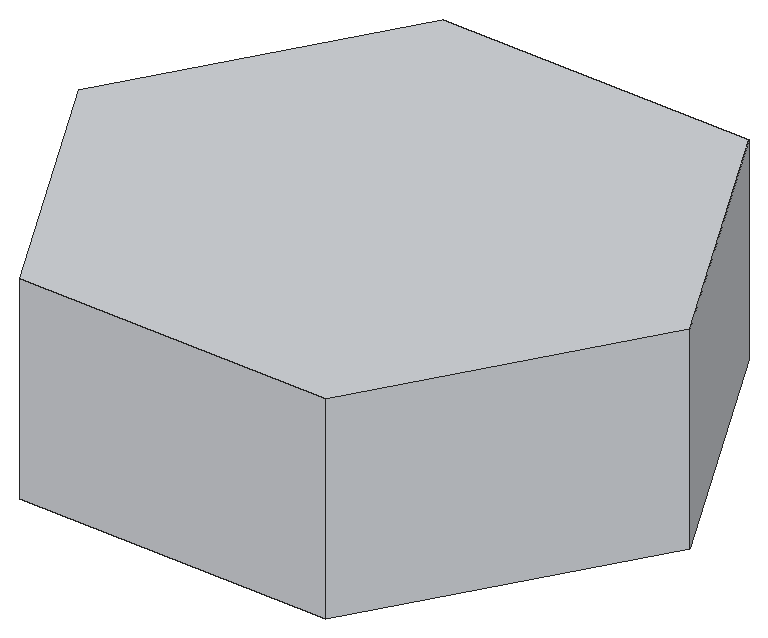
Revit family "M_Caixa de junção hexagonal", category Iluminação elétrica, Revit 2019
Family settings
  Manter orientação da anotação = Sim
  Cota do conector redondo = Utilizar diâmetro
  Tipo de parte = Caixa de junção
  Número OmniClass = 23.80.30.14.24
  Título OmniClass = Junction Boxes
  ID de item do Seek = Hexagon Junction Box-0000-CAN-ENU
  Com base no plano de trabalho = Não
  Sempre na vertical = Sim
  Corte com vazios quando carregada = Não
  Compartilhado = Não
  Ponto de cálculo do ambiente = Não
Parameters (values of type "120V")
  Largura = Comprimento  # 102 mm
  Voltagem = 120 V
  Power Factor [instance] = 1
  Número de pólos = 1
  Material = none
  Classificação de carga = Potência
  Carga [instance] = 500 VA
  Comprimento = 102 mm
  Legenda = "J"
  Altura = 38 mm
Types (5, lengths in mm): name | Voltagem | Número de pólos
  (no name) | 120 V | 1
  120V | 120 V | 1
  208V | 208 V | 3
  277V | 277 V | 1
  480V | 480 V | 3
Reference planes
  plane 1 "Centro (Frente/Trás)": y = 0
  plane 2: z = 0
  plane 3 "Centro (Esquerda/Direita)": x = 0
  plane 4: y = 51
  plane 5: y = -51
  plane 6: x = -51
  plane 7: x = 51
  plane 8: through (0, 0, 1219.2) normal (-0.866, 0.5, 0)
  plane 9: through (0, 0, 1219.2) normal (-0.866, -0.5, 0)
  plane 10: through (0, 0, 1219.2) normal (0.866, 0.5, 0)
  plane 11: through (0, 0, 1219.2) normal (0.866, -0.5, 0)
  plane 12: z = 38
Forms (mm)
  Extrusion 1, solid, material <- "Material"
    sketch origin (0, 0, 0) x (1, 0, 0) y (0, 1, 0)
      loop
        line (29.445, 51) -> (-29.445, 51) -> (-58.89, 0) -> (-29.445, -51) -> (29.445, -51) -> (58.89, 0) -> (29.445, 51)
    from 0 to 38
Lines and regions (mm)
  symbolic lines, detail levels fine
    curve 1: line (29.445, 51, 0) -> (-29.445, 51, 0)
    curve 2: line (58.89, 0, 0) -> (29.445, 51, 0)
    curve 3: line (29.445, -51, 0) -> (58.89, 0, 0)
    curve 4: line (-29.445, -51, 0) -> (29.445, -51, 0)
    curve 5: line (-58.89, 0, 0) -> (-29.445, -51, 0)
    curve 6: line (-29.445, 51, 0) -> (-58.89, 0, 0)
Dimensions and locks
  equal spacing: plane 6, plane 3 "Centro (Esquerda/Direita)", plane 7
  equal spacing: plane 4, plane 1 "Centro (Frente/Trás)", plane 5
  "Comprimento": plane 6 to plane 7
  "Largura": plane 4 to plane 5
  "Altura": plane 12 to plane 2
  "Comprimento": Extrusion 1 sketch curve to Extrusion 1 sketch curve  (x3)
  equal spacing: Extrusion 1 sketch curve, plane 3 "Centro (Esquerda/Direita)", Extrusion 1 sketch curve
  locked: plane 1 "Centro (Frente/Trás)" to plane 8 (angle 60.00°)
  locked: plane 8 to plane 9 (angle 60.00°)
  locked: plane 10 to plane 1 "Centro (Frente/Trás)" (angle 60.00°)
  locked: plane 11 to plane 10 (angle 60.00°)
  aligned and locked: plane 1 "Centro (Frente/Trás)" to nested 1
  aligned and locked: plane 3 "Centro (Esquerda/Direita)" to nested 1
  aligned and locked: plane 4 to Extrusion 1 sketch curve
  aligned and locked: plane 10 to Extrusion 1 sketch curve
  aligned and locked: plane 5 to Extrusion 1 sketch curve  (x2)
  aligned and locked: plane 8 to Extrusion 1 sketch curve
  aligned and locked: plane 9 to Extrusion 1 sketch curve
  aligned and locked: plane 1 "Centro (Frente/Trás)" to Extrusion 1 sketch curve
  aligned and locked: Extrusion 1 to plane 2
  aligned and locked: plane 12 to Extrusion 1
  aligned and locked: curve 1 to Extrusion 1
  aligned and locked: curve 2 to Extrusion 1
  aligned and locked: curve 3 to Extrusion 1
  aligned and locked: curve 4 to Extrusion 1
  aligned and locked: curve 5 to Extrusion 1
  aligned and locked: curve 6 to Extrusion 1
Automatic sketch dimensions
  Extrusion 1 sketch curve to plane 8 = 0 mm
Nested families
  nested 1: "M_Anotação da caixa de junção hexagonal" at (0, 0, 0), type "Anotação da caixa de junção hexagonal", detail levels coarse+medium
Connectors
  electrical at (0, 0, 38), driven by "Power Factor", driven by "Carga", driven by "Voltagem", driven by "Carga", driven by "Número de pólos", driven by "Classificação de carga"
    settings: on Extrusion 1, index 1, voltage 120 V, apparent load 500 VA, apparent load phase1 500 VA, apparent load phase2 0 VA, apparent load phase3 0 VA, power factor 1, load classification "Potência", number of poles 1, system type 30, power factor state 1, is connector primary yes, connector utility no, sub classification motor no, connector description ""
Definition of nested family "M_Anotação da caixa de junção hexagonal"
  Parameters
    Anotação de legenda = "J"
  Reference planes
    plane 1: y = 0
    plane 2: x = 0
  Lines and regions (mm)
    reference lines
      curve 1: line (2.381, 9.274, 0) -> (2.381, -7.768, 0)
    detail lines
      curve 2: line (2.381, 0, 0) -> (1.191, 2.062, 0)
      curve 3: line (1.191, 2.062, 0) -> (-1.191, 2.062, 0)
      curve 4: line (-1.191, 2.062, 0) -> (-2.381, 0, 0)
      curve 5: line (-2.381, 0, 0) -> (-1.191, -2.062, 0)
      curve 6: line (-1.191, -2.062, 0) -> (1.191, -2.062, 0)
      curve 7: line (1.191, -2.062, 0) -> (2.381, 0, 0)
  Text (mm)
    label "J" at (-0.802, -0.081, 0), shows "Anotação de legenda"
  Dimensions and locks
    locked: plane 2 to curve 1 at 2.381
